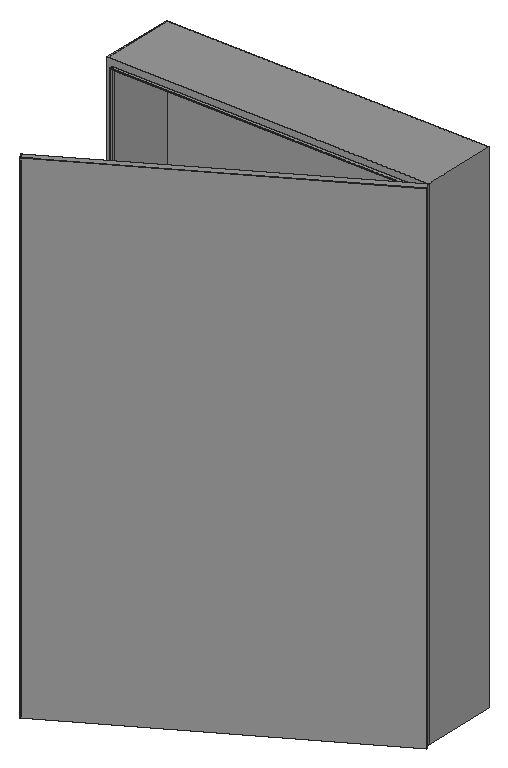
Revit family "Hager-Univers-IP44-D205-H1250-Cl.I-encl-NoHosted-NL-en", category Equipement électrique, Revit 2020
Family settings
  Configuration du panneau = Deux colonnes, circuits au sein
  Cote de connecteur circulaire = Utiliser le diamètre
  Type d'élément = Tableau de raccordement
  Basée sur le plan de construction = Oui
  Toujours verticalement = Oui
  Couper avec des vides une fois chargée = Non
  Partagée = Non
  Point de calcul de pièce = Non
Parameters (values of type "Surface mounted (plaster) IP44 W800 H1250 D205  - FP83QT")
  Width Control [instance] = if([EF000008 - Width] > Min Width, [EF000008 - Width], Min Width)  # 800 mm
  Commentaires du type = [HG000003 - Range]  # "Univers"
  Thickness Door [instance] = if([EF009171 - Material plate thickness door/cover] > 3 mm, 3 mm, [EF009171 - Material plate thickness door/cover])  # 1 mm
  Seal Frame Offset [instance] = 17 mm  # constant formula
  Plinth Visibility [instance] = [HG000027 - Plinth height] > 0 mm  # no
  Min Width [instance] = 100 mm  # constant formula
  Min Depth [instance] = (2 * [EF009170 - Material plate thickness cabinet]) + 1 mm  # 3 mm
  Min Height [instance] = 100 mm  # constant formula
  Internal Frame Depth [instance] = (Door System Depth * 0.5)  # 9 mm
  Panel Name [instance] = ""  # (empty or 0)
  Model = ""
  HG000027 - Plinth height = 0 mm
  HG000026 - Floor standing = no
  HG000024 - Bottom section height = 600 mm
  HG000023 - Double section enclosure = no
  HG000016 - Door 3d visibility [instance] = yes
  HG000015 - Clearance visibility [instance] = no
  HG000014 - Door on the right [instance] = yes
  HG000013 - Door on the left [instance] = not([HG000014 - Door on the right])  # no
  HG000012 - Door swing angle [instance] = 30.00°
  HG000010 - Asymmetric doors = no
  HG000009 - Double swing door = no
  HG000006 - Flush mounted = no
  HG000004 - Manufacturer reference = "FP83QT"
  HG000003 - Range = "Univers"
  HG000002 - With door or cover = yes
  Frame Offset Bottom [instance] = 10 mm  # constant formula
  Frame Offset [instance] = 15 mm  # constant formula
  EF015940 - Cover with overpressure release = no
  EF011959 - Degree of protection (NEMA) = ""
  EF009554 - Number of openings for flange plates = 6
  EF009212 - Cover model = "EV000116 - Closed"
  EF009171 - Material plate thickness door/cover = 1 mm
  EF009170 - Material plate thickness cabinet = 1 mm
  EF008873 - Nominal current (In) = 250 A
  EF007800 - Suitable for lightning protection = no
  EF006306 - With lock = no
  EF006244 - Transparent cover/door = no
  EF005474 - Degree of protection (IP) = "EV006418 - IP44"
  EF004464 - Type of door = "EV002646 - Single"
  EF004427 - Number of modules = 288
  EF004293 - Impact strength = "EV006815 - IK09"
  EF003532 - Suitable for outdoor use = no
  EF002950 - Width in number of modular spacings = 36
  EF001613 - Circuit integrity = "EV000494 - None"
  EF001596 - Material housing = "EV000179 - Steel"
  EF001131 - Internal depth = 130 mm
  EF001088 - Extension possible = yes
  EF000437 - Number of conduit inlets = 6
  EF000339 - Type of cover = "EV001012 - Cover"
  EF000266 - Number of rows = 8
  EF000218 - Built-in depth = 0 mm
  EF000118 - With mounting plate = no
  EF000116 - RAL-number = "9010"
  EF000049 - Depth = 205 mm
  EF000040 - Height = 1250 mm
  EF000008 - Width = 800 mm
  EF000007 - Colour = "EV000202 - White"
  EF000003 - Mounting method = "EV000384 - Surface mounted (plaster)"
  Door System Leaf Tolerance [instance] = 1.5 mm  # constant formula
  Door System Depth [instance] = 18 mm  # constant formula
  Door Height [instance] = Height Control - [HG000027 - Plinth height]  # 1250 mm
  Description = ""
  Default Elevation = 1219.2 mm
  Connector Offset [instance] = Height Control / 2  # 625 mm
  Fabricant = "Hager"  # constant formula
  Height Control [instance] = if([EF000040 - Height] > Min Height, [EF000040 - Height], Min Height)  # 1250 mm
  Depth Control [instance] = if([EF000049 - Depth] > Min Depth, [EF000049 - Depth], Min Depth)  # 205 mm
  Bottom Top Plate Trim [instance] = 1.5 mm  # constant formula
  Plinth height Ctrl [instance] = if([HG000027 - Plinth height] > 0 mm, [HG000027 - Plinth height], 12 mm)  # 12 mm
Types (5, lengths in mm): name | Width Control | HG000004 - Manufacturer reference | EF009554 - Number of openings for flange plates | EF004464 - Type of door | EF004427 - Number of modules | EF002950 - Width in number of modular spacings | EF000437 - Number of conduit inlets | EF000008 - Width
  Surface mounted (plaster) IP44 W1050 H1250 D205  - FP84QT | 1050 | "FP84QT" | 8 | "EV003602 - Double" | 384 | 48 | 8 | 1050
  Surface mounted (plaster) IP44 W1300 H1250 D205  - FP85QT | 1300 | "FP85QT" | 10 | "EV003602 - Double" | 480 | 60 | 10 | 1300
  Surface mounted (plaster) IP44 W300 H1250 D205  - FP81QT | 300 | "FP81QT" | 2 | "EV002646 - Single" | 96 | 12 | 2 | 300
  Surface mounted (plaster) IP44 W550 H1250 D205  - FP82QT | 550 | "FP82QT" | 4 | "EV002646 - Single" | 192 | 24 | 4 | 550
  Surface mounted (plaster) IP44 W800 H1250 D205  - FP83QT | 800 | "FP83QT" | 6 | "EV002646 - Single" | 288 | 36 | 6 | 800
Reference planes
  plane 1 "Center (Front/Back)": y = 0
  plane 2: z = 0
  plane 3 "Center (Left/Right)": x = 0
  plane 4: y = 0
  plane 5: y = 0
  plane 6: z = 0
  plane 7: x = -400
  plane 8: x = 400
  plane 9: x = 399
  plane 10: x = -399
  plane 11: z = 0
  plane 12: z = 1
  plane 13: y = -205
  plane 14: y = -1
  plane 15: x = 0
  plane 16: y = -187
  plane 17: y = -204
  plane 18: y = -186
  plane 19: x = -384
  plane 20: x = 384
  plane 21: z = 11
  plane 22: x = -383
  plane 23: x = 383
  plane 24: z = 0
  plane 25: z = 1250
  plane 26: z = 1250
  plane 27: z = 1234
  plane 28: z = 1249
Forms (mm)
  Extrusion 1, solid, material "Hager_Steel_RAL7035_Light_Grey", detail levels medium+fine
    sketch origin (-208.679, -4572, 0) x (-1, 0, 0) y (0, -1, 0)
      loop
        line (191.321, -4385) -> (-608.679, -4385) -> (-608.679, -4572) -> (191.321, -4572) -> (191.321, -4385)
    from 0 to 1250
  Extrusion 2, void
    sketch origin (-350.771, -205, 1219.2) x (1, 0, 0) y (0, 0, 1)
      loop
        line (-48.229, 29.8) -> (-48.229, -1218.2) -> (749.771, -1218.2) -> (749.771, 29.8) -> (-48.229, 29.8)
    from -19 to -204
  Extrusion 3, void
    sketch origin (-290.084, -187, 1219.2) x (1, 0, 0) y (0, 0, 1)
      loop
        line (-93.916, -1208.2) -> (674.084, -1208.2) -> (674.084, 14.8) -> (-93.916, 14.8) -> (-93.916, -1208.2)
    from 0 to -1
  Extrusion 4, solid, material "Hager_Steel_RAL7035_Light_Grey", visible <- "Plinth Visibility", detail levels medium+fine
    sketch origin (0, 0, 0) x (1, 0, 0) y (0, 1, 0)
      loop
        line (-400, 0) -> (-400, -187) -> (400, -187) -> (400, 0) -> (-400, 0)
    from 0 to 12 <- "Plinth height Ctrl"
  Extrusion 5, solid, material "Hager_Steel_RAL7035_Light_Grey", detail levels coarse
    sketch origin (0, 0, 0) x (1, 0, 0) y (0, 1, 0)
      loop
        line (-400, 0) -> (-400, -205) -> (400, -205) -> (400, 0) -> (-400, 0)
    from 0 to 1250 <- "Height Control"
  Sweep 6, void
    path in 3D
      loop
        line (-400, -187, 12) -> (400, -187, 12) -> (400, 0, 12) -> (-400, 0, 12) -> (-400, -187, 12)
    profile origin (-400, -93.5, 12) x (1, 0, 0) y (0, 0, 1)
      loop
        line (0, 0) -> (0, -1.5) -> (1.5, -1.5)
        arc (1.5, -1.5) -> (1.061, -0.439) -> (0, 0) r 1.5
  Extrusion 7, solid, material "Hager_Steel_RAL7035_Light_Grey", detail levels fine
    sketch origin (-400, -187, 0) x (1, 0, 0) y (0, 0, 1)
      loop
        line (16, 11) -> (784, 11) -> (784, 1234) -> (16, 1234) -> (16, 11)
      loop
        line (15, 10) -> (785, 10) -> (785, 1235) -> (15, 1235) -> (15, 10)
    from 0 to 9 <- "Internal Frame Depth"
Cuts and joins
  Extrusion 2, Extrusion 3 cuts Extrusion 1
  Sweep 6 cuts Extrusion 4
Lines and regions (mm)
  Masking region 1
    outline origin (0, 0, 0) x (1, 0, 0) y (0, 1, 0)
      loop
        line (-400, 0) -> (-400, -205) -> (400, -205) -> (400, 0) -> (-400, 0)
  Masking region 2, detail levels coarse
    outline origin (-290.084, -187, 1219.2) x (-1, 0, 0) y (0, 0, 1)
      loop
        line (-690.084, -1219.2) -> (109.916, -1219.2) -> (109.916, 30.8) -> (-690.084, 30.8) -> (-690.084, -1219.2)
  Masking region 3, detail levels coarse
    outline origin (0, 0, 0) x (0, 1, 0) y (0, 0, 1)
      loop
        line (0, 0) -> (0, 1250) -> (-205, 1250) -> (-205, 0) -> (0, 0)
  Masking region 4, visible <- "Plinth Visibility", detail levels medium+fine
    outline origin (0, 0, 0) x (0, 1, 0) y (0, 0, 1)
      loop
        line (-1.5, 12) -> (-185.5, 12)
        arc (-185.5, 12) -> (-185.939, 10.939) -> (-187, 10.5) r 1.5
        line (-187, 10.5) -> (-187, 0) -> (0, 0) -> (0, 10.5)
        arc (0, 10.5) -> (-1.061, 10.939) -> (-1.5, 12) r 1.5
  Masking region 5, detail levels medium+fine
    outline origin (0, 0, 594.038) x (0, 1, 0) y (0, 0, 1)
      loop
        line (0, -594.038) -> (0, 655.962) -> (-187, 655.962) -> (-187, -594.038) -> (0, -594.038)
  Masking region 6, detail levels medium+fine
    outline origin (-359.7, -187, 1211.883) x (-1, 0, 0) y (0, 0, 1)
      loop
        line (-759.7, -1211.883) -> (40.3, -1211.883) -> (40.3, 38.117) -> (-759.7, 38.117) -> (-759.7, -1211.883)
  Masking region 7, visible <- "Plinth Visibility", detail levels medium+fine
    outline origin (-320.334, -187, 1041.368) x (-1, 0, 0) y (0, 0, 1)
      loop
        line (-720.334, -1041.368) -> (79.666, -1041.368) -> (79.666, -1030.868)
        arc (79.666, -1030.868) -> (78.606, -1030.429) -> (78.166, -1029.368) r 1.5
        line (78.166, -1029.368) -> (-718.834, -1029.368)
        arc (-718.834, -1029.368) -> (-719.273, -1030.429) -> (-720.334, -1030.868) r 1.5
        line (-720.334, -1030.868) -> (-720.334, -1041.368)
  sketch lines
    curve 1: line (-400, 0, 12) -> (-400, -187, 12)
    curve 2: line (-400, -187, 12) -> (400, -187, 12)
    curve 3: line (400, 0, 12) -> (-400, 0, 12)
    curve 4: line (400, -187, 12) -> (400, 0, 12)
Dimensions and locks
  locked: plane 1 "Center (Front/Back)" to plane 5
  "EF009170 - Material plate thickness cabinet": plane 7 to plane 10
  "EF009170 - Material plate thickness cabinet": plane 8 to plane 9
  equal spacing: plane 7, plane 3 "Center (Left/Right)", plane 8
  "Width Control": plane 7 to plane 8
  "Depth Control": plane 4 to plane 13
  "EF009170 - Material plate thickness cabinet": plane 4 to plane 14
  "Height Control": plane 25 to level
  "HG000027 - Plinth height": plane 11 to level
  "EF009170 - Material plate thickness cabinet": plane 12 to plane 11
  "EF009170 - Material plate thickness cabinet": plane 17 to plane 13
  "EF009170 - Material plate thickness cabinet": plane 18 to plane 16
  "Frame Offset Bottom": plane 21 to plane 12
  "Frame Offset": plane 10 to plane 19
  "Frame Offset": plane 9 to plane 20
  "Door System Depth": plane 16 to plane 13
  "Seal Frame Offset": plane 7 to plane 22
  "Seal Frame Offset": plane 8 to plane 23
  "EF009170 - Material plate thickness cabinet": plane 26 to plane 28
  "Frame Offset": plane 28 to plane 27
  "Connector Offset": plane 2 to connector elem
  "Bottom Top Plate Trim": profile plane to Sweep 6 sketch curve
  "Bottom Top Plate Trim": Sweep 6 sketch curve to Sweep 6 sketch curve
  "Plinth height Ctrl": Masking region 4 sketch curve to level
  "Plinth height Ctrl": Masking region 7 sketch curve to level
  "Thickness Door": Extrusion 7 sketch curve to Extrusion 7 sketch curve  (x4)
  "Bottom Top Plate Trim": radius of Sweep 6 sketch curve
  "Bottom Top Plate Trim": radius of Masking region 4 sketch curve  (x2)
  "Bottom Top Plate Trim": radius of Masking region 7 sketch curve  (x2)
  aligned and locked: Extrusion 2 sketch curve to plane 12
  aligned and locked: Extrusion 2 sketch curve to plane 9
  aligned and locked: Extrusion 2 sketch curve to plane 10
  aligned and locked: Extrusion 2 to plane 14
  aligned and locked: Extrusion 1 sketch curve to plane 4
  aligned and locked: plane 8 to Extrusion 1 sketch curve
  aligned and locked: plane 7 to Extrusion 1 sketch curve
  aligned and locked: Extrusion 2 to plane 18
  aligned and locked: Extrusion 3 sketch curve to plane 19
  aligned and locked: plane 20 to Extrusion 3 sketch curve
  aligned and locked: Extrusion 3 to Extrusion 2
  aligned and locked: Extrusion 3 sketch curve to plane 21
  aligned and locked: plane 3 "Center (Left/Right)" to nested 1
  aligned and locked: Extrusion 1 sketch curve to plane 16
  aligned and locked: Extrusion 4 sketch curve to cut or joined group of Extrusion 1, Extrusion 2, Extrusion 3
  aligned and locked: Masking region 1 sketch curve to plane 7
  aligned and locked: Masking region 1 sketch curve to plane 5
  aligned and locked: Masking region 1 sketch curve to plane 8
  aligned and locked: Masking region 2 sketch curve to level
  aligned and locked: level to Masking region 3 sketch curve
  aligned and locked: plane 1 "Center (Front/Back)" to Masking region 3 sketch curve
  aligned and locked: plane 13 to Masking region 3 sketch curve
  aligned and locked: plane 5 to Masking region 4 sketch curve
  aligned and locked: Masking region 2 sketch curve to plane 8
  aligned and locked: Masking region 2 sketch curve to plane 7
  aligned and locked: plane 7 to nested 2
  aligned and locked: nested 2 to plane 5
  aligned and locked: plane 5 to Masking region 5 sketch curve
  aligned and locked: plane 26 to Masking region 5 sketch curve
  aligned and locked: Extrusion 5 sketch curve to plane 8
  aligned and locked: Extrusion 5 sketch curve to plane 7
  aligned and locked: Extrusion 5 sketch curve to plane 5
  aligned and locked: Extrusion 3 sketch curve to plane 27
  aligned and locked: Extrusion 2 sketch curve to plane 28
  aligned and locked: Masking region 2 to plane 25
  aligned and locked: Extrusion 4 to plane 16
  aligned and locked: profile plane to Sweep 6 sketch curve
  aligned and locked: Masking region 5 sketch curve to plane 24
  aligned and locked: level to Masking region 4 sketch curve
  aligned and locked: Masking region 1 to plane 13
  aligned and locked: nested 1 to plane 16
  aligned and locked: Masking region 3 to plane 25
  aligned and locked: plane 16 to Masking region 4 sketch curve
  aligned and locked: Masking region 5 sketch curve to plane 16
  aligned and locked: plane 24 to plane 11
  aligned and locked: plane 26 to plane 25
  aligned and locked: plane 26 to cut or joined group of Extrusion 1, Extrusion 2, Extrusion 3
  aligned and locked: nested 1 to plane 24
  aligned and locked: Extrusion 1 to Extrusion 3
  aligned and locked: Masking region 6 sketch curve to plane 8
  aligned and locked: Masking region 6 sketch curve to plane 24
  aligned and locked: Masking region 6 sketch curve to plane 7
  aligned and locked: Masking region 6 sketch curve to plane 26
  aligned and locked: Masking region 7 sketch curve to plane 7
  aligned and locked: level to Masking region 7 sketch curve
  aligned and locked: Masking region 7 sketch curve to plane 8
  aligned and locked: Extrusion 7 sketch curve to cut or joined group of Extrusion 1, Extrusion 2, Extrusion 3  (x4)
Automatic sketch dimensions
  plane 19 to Extrusion 3 sketch curve = 0 mm
  Extrusion 3 sketch curve to plane 20 = 0 mm
  Extrusion 3 sketch curve to plane 21 = 0 mm
  Extrusion 4 sketch curve to plane 7 = 0 mm
  Extrusion 4 sketch curve to plane 8 = 0 mm
  Extrusion 4 sketch curve to plane 16 = 0 mm
  Masking region 1 sketch curve to plane 13 = 0 mm
  Masking region 2 sketch curve to plane 25 = 0 mm
  Masking region 3 sketch curve to plane 25 = 0 mm
  Extrusion 5 sketch curve to plane 13 = 0 mm
  profile plane to Sweep 6 sketch curve = 0 mm
Nested families
  nested 1: "EC000058_Univers_Door" at (0, -187, 0), Double <- "HG000009 - Double swing door", Transparent <- "EF006244 - Transparent cover/door", Angle <- "HG000012 - Door swing angle", Door_Right <- "HG000014 - Door on the right", Assymetrical <- "HG000010 - Asymmetric doors", Door <- "HG000002 - With door or cover", Width_Ctrl <- "Width Control", 3d_Door <- "HG000016 - Door 3d visibility", Clearance <- "HG000015 - Clearance visibility", Door_Left <- "HG000013 - Door on the left", Width <- "Width Control", Door_Depth <- "Door System Depth", Leaf_Tolerance <- "Door System Leaf Tolerance", Height <- "Door Height", Lock_Visibility <- "EF006306 - With lock", Thickness <- "Thickness Door", type "EC000058_Univers_Door", detail levels medium+fine
    with min_wh 3 mm, Width_Ctrl 800 mm, Width 800 mm, Transparent no, Thickness 1 mm, Seal_Material Hager_Rubber, Lock_Visibility no, Lock_Material Hager_Plastic_RAL9005_Jet_Black, Leaf_Width 800 mm, Leaf_Tolerance_External_Sides 0 mm, Leaf_Tolerance 1.5 mm, Leaf_Offset 0 mm, Leaf_Height 1247 mm, Leaf_2_Width 800 mm, Leaf_2_Offset 400 mm, Leaf_1_Width 800 mm, Leaf_1_Offset 400 mm, Height_Ctrl 1250 mm, Height 1250 mm, Glass_Material Hager_Glass, Double_Clearance_Ctrl no, Double no, Door_Right_Ctrl yes, Door_Right yes, Door_Material Hager_Steel_RAL7035_Light_Grey, Door_Left_Ctrl no, Door_Left no, Door_Depth 18 mm, Door yes, Clearance_Material Hager_Clearance, Clearance_Depth 800 mm, Clearance_Ctrl no, Clearance no, Assymetrical no, Angle 30.00°, 3d_Door yes
  nested 2: "Hager_Enclosure_Symbol" at (-400, 0, 0), Height <- "Depth Control", Width <- "Width Control", type "Hager_Enclosure_Symbol"
    with Width_Ctrl 800 mm, Width 800 mm, Height_Ctrl 205 mm, Height 205 mm, A_Width_Int 13.453 mm, A_Width 161.438 mm, A_Height_Ctrl 179.375 mm, A_Height 179.375 mm
Connectors
  electrical at (0, 0, 625)
    settings: on plane 1 "Center (Front/Back)", index 1, voltage 0 V, apparent load 0 VA, apparent load phase1 0 VA, apparent load phase2 0 VA, apparent load phase3 0 VA, power factor 1, load classification "Other", number of poles 1, system type 30, power factor state 1, is connector primary yes, connector utility no, sub classification motor no, connector description ""
Definition of nested family "EC000058_Univers_Door"
  Parameters (values of type "EC000058_Univers_Door")
    min_wh [instance] = (2 * Thickness) + 1 mm  # 11 mm
    Width_Ctrl [instance] = 400 mm
    Width [instance] = 500 mm
    Transparent [instance] = yes
    Thickness [instance] = 5 mm
    Seal_Material [instance] = none
    Lock_Visibility [instance] = yes
    Lock_Material [instance] = none
    Leaf_Width [instance] = if((Width_Ctrl - 2 * Leaf_Tolerance_External_Sides) > 0 mm, (Width_Ctrl - 2 * Leaf_Tolerance_External_Sides), min_wh)  # 400 mm
    Leaf_Tolerance_External_Sides [instance] = 0 mm  # constant formula
    Leaf_Tolerance [instance] = 1.5 mm
    Leaf_Offset [instance] = 0 mm  # constant formula
    Leaf_Height [instance] = if((Height_Ctrl - 2 * Leaf_Tolerance) > 0 mm, (Height_Ctrl - 2 * Leaf_Tolerance), min_wh)  # 497 mm
    Leaf_2_Width [instance] = if(and(and(Double, Assymetrical), Door_Left), (Leaf_Width / 3) - (Leaf_Tolerance / 2), if(and(and(Double, Assymetrical), Door_Right), (Leaf_Width / 3) * 2 - (Leaf_Tolerance / 2), if(and(Double, not(Assymetrical)), (Leaf_Width / 2) - Leaf_Tolerance, Leaf_Width)))  # 400 mm
    Leaf_2_Offset [instance] = if(and(Double, Assymetrical), Leaf_2_Width / 2, if(and(Double, not(Assymetrical)), Leaf_Width / 4, Leaf_Width / 2))  # 200 mm
    Leaf_1_Width [instance] = if(and(and(Double, Assymetrical), Door_Right), (Leaf_Width / 3) - (Leaf_Tolerance / 2), if(and(and(Double, Assymetrical), Door_Left), (Width / 3) * 2 - (Leaf_Tolerance / 2), if(and(Double, not(Assymetrical)), (Leaf_Width / 2) - Leaf_Tolerance, Leaf_Width)))  # 400 mm
    Leaf_1_Offset [instance] = if(and(Double, Assymetrical), Leaf_1_Width / 2, if(and(Double, not(Assymetrical)), Leaf_Width / 4, Leaf_Width / 2))  # 200 mm
    Height_Ctrl [instance] = if(Height > min_wh, Height, min_wh)  # 500 mm
    Height [instance] = 500 mm
    Glass_Material [instance] = none
    Double_Clearance_Ctrl [instance] = and(Double, Clearance)  # no
    Double [instance] = no
    Door_Right_Ctrl [instance] = and(or(Door_Right, Double), Door)  # yes
    Door_Right [instance] = yes
    Door_Material [instance] = none
    Door_Left_Ctrl [instance] = and(or(Door_Left, Double), Door)  # no
    Door_Left [instance] = no
    Door_Depth [instance] = 30 mm
    Door [instance] = yes
    Default Elevation = 1219.2 mm
    Clearance_Material [instance] = none
    Clearance_Depth [instance] = if(Leaf_1_Width > Leaf_2_Width, Leaf_1_Width, Leaf_2_Width)  # 400 mm
    Clearance_Ctrl [instance] = and(not(Double), Clearance)  # yes
    Clearance [instance] = yes
    Assymetrical [instance] = yes
    Angle [instance] = 30.00°
    3d_Door [instance] = yes
  Reference planes
    plane 1 "Center (Front/Back)": y = 0
    plane 2 "Bottom": z = 0
    plane 3 "Center (Left/Right)": x = 0
    plane 4: z = 500
    plane 5: x = -200
    plane 6: x = 200
    plane 7: z = 500
    plane 8: x = -200
    plane 9: z = 0
    plane 10: x = 200
    plane 11: y = 0
    plane 12: z = 1.5
    plane 13: x = -600
    plane 14: y = -400
    plane 15: x = 600
    plane 16: x = 0
    plane 17: x = 0
    plane 18: x = -200
    plane 19: x = 200
    plane 20: z = 498.5
  Forms (mm)
    Extrusion 1, solid, material <- "Clearance_Material", visible <- "Double_Clearance_Ctrl"
      sketch origin (1200, 0, 0) x (1, 0, 0) y (0, 0, -1)
        loop
          line (-1800, -498.5) -> (-600, -498.5) -> (-600, 0) -> (-1800, 0) -> (-1800, -498.5)
      from 0 to -400
  Dimensions and locks
    equal spacing: plane 5, plane 3 "Center (Left/Right)", plane 6
    "Width_Ctrl": plane 5 to plane 6
    "Leaf_Offset": plane 5 to plane 8
    "Leaf_Offset": plane 6 to plane 10
    "Leaf_Offset": plane 9 to level
    "Leaf_Offset": plane 4 to plane 7
    "Height_Ctrl": plane 4 to level
    "Leaf_Tolerance": plane 12 to plane 9
    locked: plane 11 to plane 1 "Center (Front/Back)"
    "Leaf_1_Offset": plane 18 to plane 16
    "Leaf_2_Offset": plane 17 to plane 19
    "Leaf_1_Width": plane 13 to plane 8
    "Leaf_2_Width": plane 10 to plane 15
    "Clearance_Depth": plane 14 to plane 1 "Center (Front/Back)"
    "Leaf_Tolerance_External_Sides": plane 8 to plane 18
    "Leaf_Tolerance_External_Sides": plane 19 to plane 10
    "Leaf_Tolerance": plane 7 to plane 20
    aligned and locked: level to plane 2 "Bottom"
    aligned and locked: nested 1 to plane 16
    aligned and locked: nested 2 to plane 17
    aligned and locked: Extrusion 1 to plane 13
    aligned and locked: plane 15 to Extrusion 1
    aligned and locked: Extrusion 1 to plane 14
    aligned and locked: plane 12 to nested 1
    aligned and locked: nested 2 to plane 12
    aligned and locked: Extrusion 1 to plane 11
    aligned and locked: plane 20 to Extrusion 1
    aligned and locked: nested 2 to plane 11
    aligned and locked: nested 1 to plane 11
  Automatic sketch dimensions
    Extrusion 1 sketch curve to level = 0 mm
    plane 5 to Extrusion 1 sketch curve = 400 mm
    plane 6 to Extrusion 1 sketch curve = 400 mm
    Extrusion 1 sketch curve to plane 4 = 1.5 mm
  Nested families
    nested 1: "EC000058_Univers_Door_Leaf" at (0, 0, 1.5), Width <- "Leaf_1_Width", visible <- "Door_Left_Ctrl", Leaf_Height <- "Leaf_Height", Angle <- "Angle", 3d_Door <- "3d_Door", Transparent <- "Transparent", Clearance Material <- "Clearance_Material", Clearance <- "Clearance_Ctrl", Door_Material <- "Door_Material", Glass_Material <- "Glass_Material", Door_Depth <- "Door_Depth", Lock_Material <- "Lock_Material", Seal_Material <- "Seal_Material", Lock_Visibility <- "Lock_Visibility", Thickness <- "Thickness", type "EC000058_Univers_Door_Leaf"
      with Width 400 mm, Transparent_Glass_Offset 30 mm, Transparent_Ctrl yes, Transparent yes, Thickness 5 mm, Standard no, Seal_Material none, Seal_D2 8 mm, Seal_D1 1 mm, Offset_Internal_Frame 10 mm, Lock_Width 20 mm, Lock_Visibility_3d yes, Lock_Visibility yes, Lock_Thickness_3 3 mm, Lock_Thickness_2 1 mm, Lock_Thickness_1 3 mm, Lock_Radius_Offset_2 16 mm, Lock_Radius_Offset_1 15 mm, Lock_Radius_2 5 mm, Lock_Radius 6 mm, Lock_Offset 5 mm, Lock_Material none, Lock_Height 80 mm, Lock_Cover_Top_Offset_2d 17 mm, Lock_Cover_Height -65 mm, Leaf_Height 497 mm, Internal_Seal_Thickness 8 mm, Internal_Seal_Depth_2 4.5 mm, Internal_Frame_Depth 25 mm, Glass_Thickness -1 mm, Glass_Offset -2 mm, Glass_Material none, Door_Material none, Door_Depth 30 mm, Clearance Material none, Clearance yes, Angle_Ctrl 30.00°, Angle 30.00°, 3d_Door yes
    nested 2: "EC000058_Univers_Door_Leaf" at (0, 0, 1.5) x (-1, 0, 0) z (0, 0, 1), Width <- "Leaf_2_Width", visible <- "Door_Right_Ctrl", Leaf_Height <- "Leaf_Height", Angle <- "Angle", 3d_Door <- "3d_Door", Transparent <- "Transparent", Clearance Material <- "Clearance_Material", Clearance <- "Clearance_Ctrl", Door_Material <- "Door_Material", Glass_Material <- "Glass_Material", Door_Depth <- "Door_Depth", Lock_Material <- "Lock_Material", Seal_Material <- "Seal_Material", Lock_Visibility <- "Lock_Visibility", Thickness <- "Thickness", type "EC000058_Univers_Door_Leaf"
      with Width 400 mm, Transparent_Glass_Offset 30 mm, Transparent_Ctrl yes, Transparent yes, Thickness 5 mm, Standard no, Seal_Material none, Seal_D2 8 mm, Seal_D1 1 mm, Offset_Internal_Frame 10 mm, Lock_Width 20 mm, Lock_Visibility_3d yes, Lock_Visibility yes, Lock_Thickness_3 3 mm, Lock_Thickness_2 1 mm, Lock_Thickness_1 3 mm, Lock_Radius_Offset_2 16 mm, Lock_Radius_Offset_1 15 mm, Lock_Radius_2 5 mm, Lock_Radius 6 mm, Lock_Offset 5 mm, Lock_Material none, Lock_Height 80 mm, Lock_Cover_Top_Offset_2d 17 mm, Lock_Cover_Height -65 mm, Leaf_Height 497 mm, Internal_Seal_Thickness 8 mm, Internal_Seal_Depth_2 4.5 mm, Internal_Frame_Depth 25 mm, Glass_Thickness -1 mm, Glass_Offset -2 mm, Glass_Material none, Door_Material none, Door_Depth 30 mm, Clearance Material none, Clearance yes, Angle_Ctrl 30.00°, Angle 30.00°, 3d_Door yes
  Definition of nested family "EC000058_Univers_Door_Leaf"
    Parameters (values of type "EC000058_Univers_Door_Leaf")
      Width [instance] = 2000 mm
      Transparent_Glass_Offset [instance] = 30 mm
      Transparent_Ctrl [instance] = and(Transparent, [3d_Door])  # yes
      Transparent [instance] = yes
      Thickness [instance] = 5 mm
      Standard [instance] = and(not(Transparent), [3d_Door])  # no
      Seal_Material [instance] = none
      Seal_D2 [instance] = 8 mm  # constant formula
      Seal_D1 [instance] = 1 mm  # constant formula
      Offset_Internal_Frame [instance] = 10 mm  # constant formula
      Lock_Width [instance] = 20 mm  # constant formula
      Lock_Visibility_3d [instance] = and(Lock_Visibility, [3d_Door])  # yes
      Lock_Visibility [instance] = yes
      Lock_Thickness_3 [instance] = 3 mm  # constant formula
      Lock_Thickness_2 [instance] = 1 mm  # constant formula
      Lock_Thickness_1 [instance] = 3 mm  # constant formula
      Lock_Radius_Offset_2 [instance] = Lock_Radius_Offset_1 + 1 mm  # 16 mm
      Lock_Radius_Offset_1 [instance] = 15 mm  # constant formula
      Lock_Radius_2 [instance] = Lock_Radius - 1 mm  # 5 mm
      Lock_Radius [instance] = 6 mm  # constant formula
      Lock_Offset [instance] = 5 mm  # constant formula
      Lock_Material [instance] = none
      Lock_Height [instance] = 80 mm  # constant formula
      Lock_Cover_Top_Offset_2d [instance] = Lock_Radius_Offset_2 + 1 mm  # 17 mm
      Lock_Cover_Height [instance] = -(Lock_Height - Lock_Radius_Offset_1)  # -65 mm
      Leaf_Height [instance] = 2720.336 mm
      Internal_Seal_Thickness [instance] = 8 mm  # constant formula
      Internal_Seal_Depth_2 [instance] = 4.5 mm  # constant formula
      Internal_Frame_Depth [instance] = if(Door_Depth - Thickness > 5 mm, Door_Depth - Thickness, 5 mm)  # 25 mm
      Glass_Thickness [instance] = if(Thickness > 15 mm, Glass_Offset + 10 mm, -1 mm)  # -1 mm
      Glass_Offset [instance] = if(Thickness > 15 mm, -(Thickness + 10 mm) / 2, -2 mm)  # -2 mm
      Glass_Material [instance] = none
      Door_Material [instance] = none
      Door_Depth [instance] = 30 mm
      Default Elevation = 0 mm
      Clearance Material [instance] = none
      Clearance [instance] = yes
      Angle_Ctrl [instance] = if(Angle > 180.00°, 180.00°, Angle)  # 90.00°
      Angle [instance] = 90.00°
      3d_Door [instance] = yes
    Reference planes
      plane 1 "Center (Front/Back)": y = 0
      plane 2: z = 0
      plane 3 "Center (Left/Right)": x = 0
      plane 4: y = 2000
      plane 5: x = -1000
      plane 6: x = 1000
      plane 7: x = -3000
      plane 8: z = 2720.336
      plane 9: z = 30
      plane 10: z = 2690.336
      plane 11: x = 970
      plane 12: x = -970
      plane 13: y = -3
      plane 14: z = 107.833
      plane 15: y = -5
      plane 16: y = -223.314
      plane 17: x = -1000
      plane 18: z = 1360.168
      plane 19: y = 30
    Forms (mm)
      Extrusion 1, solid, material <- "Clearance Material", visible <- "Clearance"
        sketch origin (0, 0, 0) x (1, 0, 0) y (0, 0, 1)
          loop
            line (-3000, 2720.336) -> (-3000, 0) -> (1000, 0) -> (1000, 2720.336) -> (-3000, 2720.336)
        from 0 to -2000
      Extrusion 2, solid, material <- "Door_Material", visible <- "Standard", detail levels medium+fine
        sketch origin (-1000, 0, 0) x (0, 1, 0) y (-1, 0, 0)
          loop
            line (0, 30) -> (0, 25) -> (2000, 25) -> (2000, 30) -> (0, 30)
        from 0 to 2720.336 <- "Leaf_Height"
      Extrusion 3, solid, material <- "Door_Material", visible <- "Transparent_Ctrl", detail levels medium+fine
        sketch origin (-1000, 0, 0) x (0, 1, 0) y (-1, 0, 0)
          loop
            line (0, 25) -> (2000, 25) -> (2000, 30) -> (0, 30) -> (0, 25)
        from 0 to 2720.336 <- "Leaf_Height"
      Extrusion 4, void
        sketch origin (-1025, 2000, 0) x (0, 1, 0) y (0, 0, -1)
          loop
            line (-30, -2690.336) -> (-30, -30) -> (-1970, -30) -> (-1970, -2690.336) -> (-30, -2690.336)
        from 0 to 5 <- "Thickness"
      Sweep 5, solid, material <- "Seal_Material", visible <- "Transparent_Ctrl", detail levels fine
        path in 3D
          loop
            line (-1025, 30, 30) -> (-1025, 30, 2690.336) -> (-1025, 1970, 2690.336) -> (-1025, 1970, 30) -> (-1025, 30, 30)
        profile origin (-1025, 1000, 30) x (1, 0, 0) y (0, 0, 1)
          loop
            line (0, 0) -> (0, -8) -> (1, -8) -> (1, 0) -> (0, 0)
      Extrusion 6, solid, material <- "Glass_Material", visible <- "Transparent_Ctrl", detail levels medium+fine
        sketch origin (-1030, 0, 0) x (0, 1, 0) y (0, 0, -1)
          loop
            line (1970, -2690.336) -> (1970, -30) -> (30, -30) -> (30, -2690.336) -> (1970, -2690.336)
        from -2 <- "Glass_Offset" to -1 <- "Glass_Thickness"
      Extrusion 7, solid, material <- "Door_Material", visible <- "3d_Door", detail levels medium+fine
        sketch origin (-1025, 2000, 0) x (0, -1, 0) y (0, 0, -1)
          loop
            line (0, -2720.336) -> (2000, -2720.336) -> (2000, 0) -> (0, 0) -> (0, -2720.336)
          loop
            line (1995, -5) -> (5, -5) -> (5, -2715.336) -> (1995, -2715.336) -> (1995, -5)
        from 0 to 25 <- "Internal_Frame_Depth"
      Sweep 8, solid, material <- "Seal_Material", visible <- "Transparent_Ctrl", detail levels fine
        path in 3D
          loop
            line (-1025, 0, 0) -> (-1025, 2000, 0) -> (-1025, 2000, 2720.336) -> (-1025, 0, 2720.336) -> (-1025, 0, 0)
        profile origin (-1025, 0, 1360.168) x (1, 0, 0) y (0, 1, 0)
          loop
            line (0, 10) -> (2.975, 10)
            arc (2.975, 10) -> (4.053, 10.447) -> (4.5, 11.525) r 1.525
            line (4.5, 11.525) -> (4.5, 16.527)
            arc (4.5, 16.527) -> (4.069, 17.569) -> (3.027, 18) r 1.473
            line (3.027, 18) -> (0, 18) -> (0, 10)
      Extrusion 9, solid, material <- "Lock_Material", visible <- "Lock_Visibility_3d", detail levels fine
        sketch origin (-1030, 0, 0) x (0, 1, 0) y (0, 0, -1)
          loop
            arc (1993.5, -1400.168) -> (1994.561, -1399.729) -> (1995, -1398.668) r 1.5
            line (1995, -1398.668) -> (1995, -1320.168) -> (1975, -1320.168) -> (1975, -1398.668)
            arc (1975, -1398.668) -> (1975.439, -1399.729) -> (1976.5, -1400.168) r 1.5
            line (1976.5, -1400.168) -> (1993.5, -1400.168)
        from 3 <- "Lock_Thickness_1" to 0
      Blend 10, solid, material <- "Lock_Material", visible <- "Lock_Visibility_3d", detail levels fine
        base sketch origin (-1033, 0, 0) x (0, 1, 0) y (0, 0, -1)
          loop
            line (1975, -1320.168) -> (1975, -1398.668)
            arc (1975, -1398.668) -> (1975.439, -1399.729) -> (1976.5, -1400.168) r 1.5
            line (1976.5, -1400.168) -> (1993.5, -1400.168)
            arc (1993.5, -1400.168) -> (1994.561, -1399.729) -> (1995, -1398.668) r 1.5
            line (1995, -1398.668) -> (1995, -1320.168) -> (1975, -1320.168)
        top sketch origin (-1033, 0, 0) x (0, 1, 0) y (0, 0, -1)
          loop
            line (1976, -1320.168) -> (1976, -1398.668)
            arc (1976, -1398.668) -> (1976.146, -1399.022) -> (1976.5, -1399.168) r 0.5
            line (1976.5, -1399.168) -> (1993.5, -1399.168)
            arc (1993.5, -1399.168) -> (1993.854, -1399.022) -> (1994, -1398.668) r 0.5
            line (1994, -1398.668) -> (1994, -1320.168) -> (1976, -1320.168)
        from 0 to 1 <- "Lock_Thickness_2"
      Blend 11, solid, material <- "Lock_Material", visible <- "Lock_Visibility_3d", detail levels fine
        base sketch origin (-1034, 0, 0) x (0, 1, 0) y (0, 0, -1)
          loop
            line (1978, -1320.168) -> (1978, -1384.168)
            arc (1978, -1384.168) -> (1985, -1391.168) -> (1992, -1384.168) r 7
            line (1992, -1384.168) -> (1992, -1320.168) -> (1978, -1320.168)
        top sketch origin (-1034, 0, 0) x (0, 1, 0) y (0, 0, -1)
          loop
            line (1991, -1320.168) -> (1979, -1320.168) -> (1979, -1383.168)
            arc (1979, -1383.168) -> (1985, -1389.168) -> (1991, -1383.168) r 6
            line (1991, -1383.168) -> (1991, -1320.168)
        from 0 to 3 <- "Lock_Thickness_3"
      Extrusion 12, solid, material <- "Lock_Material", visible <- "Lock_Visibility_3d", detail levels fine
        sketch origin (-1030, 1975, 1320.168) x (1, 0, 0) y (0, -1, 0)
          loop
            line (-7, -19) -> (-7, -1) -> (0, -1) -> (0, 0) -> (-8, 0) -> (-8, -20) -> (0, -20) -> (0, -19) -> (-7, -19)
        from 0 to -65 <- "Lock_Cover_Height"
      Extrusion 13, void
        sketch origin (-1038, 1995, 1320.168) x (-1, 0, 0) y (0, 0, -1)
          loop
            line (-5, -65) -> (0, -65) -> (-5, -60) -> (-5, -65)
        from 0 to 20 <- "Lock_Width"
      Extrusion 14, void
        sketch origin (-1038, 1975, 1320.168) x (0, -1, 0) y (0, 0, -1)
          loop
            circle (-10, -15.995) r 6
          loop
            circle (-10, -15.995) r 5
        from 0 to 2
      Extrusion 15, solid, material <- "Lock_Material", visible <- "Lock_Visibility_3d", detail levels medium
        sketch origin (-1030, 0, 0) x (0, 1, 0) y (0, 0, -1)
          loop
            arc (1993.5, -1400.168) -> (1994.561, -1399.729) -> (1995, -1398.668) r 1.5
            line (1995, -1398.668) -> (1995, -1320.168) -> (1975, -1320.168) -> (1975, -1398.668)
            arc (1975, -1398.668) -> (1975.439, -1399.729) -> (1976.5, -1400.168) r 1.5
            line (1976.5, -1400.168) -> (1993.5, -1400.168)
        from 8 to 0
    Cuts and joins
      Extrusion 4 cuts Extrusion 3
      Extrusion 13, Extrusion 14 cuts Extrusion 9
      Extrusion 14 cuts Blend 11
      Extrusion 13, Extrusion 14 cuts Extrusion 12
      joined: Extrusion 9, Blend 10, Blend 11, Extrusion 12
      Extrusion 14 cuts Extrusion 15
    Lines and regions (mm)
      Masking region 1, visible <- "Lock_Visibility", detail levels fine
        outline origin (0, 0, 0) x (0, 1, 0) y (0, 0, 1)
          loop
            line (30, 1320.168) -> (33, 1320.168) -> (33, 1400.168) -> (30, 1400.168) -> (30, 1320.168)
      Masking region 2, visible <- "Lock_Visibility", detail levels fine
        outline origin (0, 3.143, 0) x (0, 1, 0) y (0, 0, 1)
          loop
            line (29.857, 1354.168) -> (30.857, 1354.168) -> (30.857, 1366.168) -> (29.857, 1366.168) -> (29.857, 1354.168)
      Masking region 3, detail levels medium+fine
        outline origin (0, 0, 0) x (0, 1, 0) y (0, 0, 1)
          loop
            line (0, 0) -> (30, 0) -> (30, 2720.336) -> (0, 2720.336) -> (0, 0)
      Masking region 4, detail levels medium+fine
        outline origin (0, 0, 0) x (1, 0, 0) y (0, 0, 1)
          loop
            line (-1000, 2720.336) -> (-1000, 0) -> (1000, 0) -> (1000, 2720.336) -> (-1000, 2720.336)
      Masking region 5, visible <- "Lock_Visibility", detail levels fine
        outline origin (-47.116, 0, 0) x (1, 0, 0) y (0, 0, 1)
          loop
            arc (1024.616, 1399.168) -> (1023.556, 1398.729) -> (1023.116, 1397.668) r 1.5
            line (1023.116, 1397.668) -> (1023.116, 1320.168) -> (1041.116, 1320.168) -> (1041.116, 1397.668)
            arc (1041.116, 1397.668) -> (1040.677, 1398.729) -> (1039.616, 1399.168) r 1.5
            line (1039.616, 1399.168) -> (1024.616, 1399.168)
      Masking region 6, visible <- "Lock_Visibility", detail levels medium+fine
        outline origin (-25, 0, 0) x (1, 0, 0) y (0, 0, 1)
          loop
            arc (1001.5, 1400.168) -> (1000.439, 1399.729) -> (1000, 1398.668) r 1.5
            line (1000, 1398.668) -> (1000, 1320.168) -> (1020, 1320.168) -> (1020, 1398.668)
            arc (1020, 1398.668) -> (1019.561, 1399.729) -> (1018.5, 1400.168) r 1.5
            line (1018.5, 1400.168) -> (1001.5, 1400.168)
      Masking region 7, visible <- "Lock_Visibility", detail levels fine
        outline origin (-73.735, 0, 0) x (1, 0, 0) y (0, 0, 1)
          loop
            line (1051.735, 1382.168) -> (1065.735, 1382.168) -> (1065.735, 1384.168)
            arc (1065.735, 1384.168) -> (1058.735, 1391.168) -> (1051.735, 1384.168) r 7
            line (1051.735, 1384.168) -> (1051.735, 1382.168)
      Masking region 8, visible <- "Lock_Visibility", detail levels fine
        outline origin (-73.735, 0, 0) x (1, 0, 0) y (0, 0, 1)
          loop
            line (1052.735, 1382.168) -> (1064.735, 1382.168) -> (1064.735, 1383.168)
            arc (1064.735, 1383.168) -> (1058.735, 1389.168) -> (1052.735, 1383.168) r 6
            line (1052.735, 1383.168) -> (1052.735, 1382.168)
      Masking region 9, visible <- "Lock_Visibility", detail levels fine
        outline origin (-25, 0, 0) x (1, 0, 0) y (0, 0, 1)
          loop
            line (1020, 1320.168) -> (1020, 1382.168) -> (1000, 1382.168) -> (1000, 1320.168) -> (1020, 1320.168)
      Masking region 10, detail levels medium+fine
        outline origin (0, 0, 0) x (1, 0, 0) y (0, 0, 1)
          loop
            circle (985, 1335.144) r 6
      Masking region 11, detail levels fine
        outline origin (0, 0, 0) x (1, 0, 0) y (0, 0, 1)
          loop
            circle (985, 1335.144) r 5
      Masking region 12, visible <- "Lock_Visibility", detail levels fine
        outline origin (0, 12.767, 0) x (0, 1, 0) y (0, 0, 1)
          loop
            line (20.233, 1320.168) -> (21.233, 1320.168) -> (21.233, 1399.168) -> (20.233, 1400.168) -> (20.233, 1320.168)
      Masking region 13, visible <- "Lock_Visibility", detail levels fine
        outline origin (0, 13.767, -10) x (0, 1, 0) y (0, 0, 1)
          loop
            line (20.233, 1330.168) -> (23.233, 1330.168) -> (23.233, 1399.168) -> (20.233, 1402.168) -> (20.233, 1330.168)
      Masking region 14, visible <- "Lock_Visibility", detail levels fine
        outline origin (0, 12.767, -10) x (0, 1, 0) y (0, 0, 1)
          loop
            line (20.233, 1330.168) -> (25.233, 1330.168) -> (25.233, 1399.305) -> (20.233, 1394.305) -> (20.233, 1330.168)
      Masking region 15, visible <- "Lock_Visibility", detail levels medium
        outline origin (0, 0, 0) x (0, 1, 0) y (0, 0, 1)
          loop
            line (30, 1320.168) -> (38, 1320.168) -> (38, 1400.168) -> (30, 1400.168) -> (30, 1320.168)
      Masking region 16, visible <- "Lock_Visibility", detail levels fine
        outline origin (-1000, 0, 0) x (0, 1, 0) y (-1, 0, 0)
          loop
            line (1975, 30) -> (1995, 30) -> (1995, 38) -> (1975, 38) -> (1975, 30)
          loop
            line (1979, 37) -> (1976, 37) -> (1976, 34) -> (1978, 34) -> (1979, 37)
          loop
            line (1994, 37) -> (1991, 37) -> (1992, 34) -> (1994, 34) -> (1994, 37)
      Masking region 17, visible <- "Lock_Visibility", detail levels medium
        outline origin (-1000, 0, 0) x (0, 1, 0) y (-1, 0, 0)
          loop
            line (1975, 30) -> (1995, 30) -> (1995, 38) -> (1975, 38) -> (1975, 30)
      symbolic lines
        curve 1: line (1000, 0, 0) -> (-3000, 0, 0)
        curve 2: arc (1000, 0, 0) -> (-1000, 2000, 0) -> (-3000, 0, 0) r 2000
        curve 4: line (-1030, 0, 0) -> (-1030, 2000, 0)
      reference lines
        curve 3: line (-1000, 0, 0) -> (-1000, 2000, 0)
      symbolic lines, detail levels medium+fine
        curve 5: line (-1030, 2000, 0) -> (-1025, 2000, 0)
        curve 7: line (-1025, 0, 0) -> (-1030, 0, 0)
        curve 8: line (-1025, 0, 0) -> (-1000, 0, 0)
        curve 9: line (-1000, 0, 0) -> (-1000, 2000, 0)
        curve 10: line (-1000, 2000, 0) -> (-1025, 2000, 0)
      symbolic lines, detail levels fine
        curve 6: line (-1025, 2000, 0) -> (-1025, 0, 0)
      sketch lines
        curve 11: line (-1025, 0, 2720.336) -> (-1025, 0, 0)
        curve 12: line (-1025, 2000, 0) -> (-1025, 0, 0)
        curve 13: line (-1025, 2000, 2720.336) -> (-1025, 2000, 0)
        curve 14: line (-1025, 0, 2720.336) -> (-1025, 2000, 2720.336)
        curve 15: line (-1025, 1970, 30) -> (-1025, 30, 30)
        curve 16: line (-1025, 30, 30) -> (-1025, 30, 2690.336)
        curve 17: line (-1025, 1970, 2690.336) -> (-1025, 1970, 30)
        curve 18: line (-1025, 30, 2690.336) -> (-1025, 1970, 2690.336)
      symbolic lines, visible <- "Transparent", detail levels medium+fine
        curve 19: line (-970, 0, 2690.336) -> (970, 0, 2690.336)
        curve 20: line (-970, 0, 30) -> (-970, 0, 2690.336)
        curve 21: line (970, 0, 30) -> (-970, 0, 30)
        curve 22: line (970, 0, 2690.336) -> (970, 0, 30)
    Dimensions and locks
      "Width": plane 1 "Center (Front/Back)" to plane 4
      equal spacing: plane 5, plane 3 "Center (Left/Right)", plane 6
      "Width": plane 5 to plane 6
      "Width": plane 7 to plane 5
      "Leaf_Height": plane 8 to level
      "Width": curve 5 to curve 3
      "Width": curve 3 to curve 3
      plane 8 to plane 10 = 30 mm
      plane 9 to level = 30 mm
      plane 12 to plane 5 = 30 mm
      plane 6 to plane 11 = 30 mm
      Extrusion 1 to Extrusion 4 sketch curve = 30 mm
      "Transparent_Glass_Offset": curve 3 to Extrusion 4 sketch curve
      "Transparent_Glass_Offset": Extrusion 4 sketch curve to cut or joined group of Extrusion 3, Extrusion 4  (x2)
      cut or joined group of Extrusion 3, Extrusion 4 to Extrusion 6 sketch curve = 30 mm
      "Transparent_Glass_Offset": cut or joined group of Extrusion 3, Extrusion 4 to Extrusion 4 sketch curve
      "Thickness": curve 6 to curve 4
      "Thickness": Extrusion 7 sketch curve to Extrusion 7 sketch curve  (x4)
      "Door_Depth": curve 4 to curve 3
      "Offset_Internal_Frame": profile plane to Sweep 8 sketch curve
      "Internal_Seal_Thickness": Sweep 8 sketch curve to Sweep 8 sketch curve
      "Internal_Seal_Depth_2": profile plane to Sweep 8 sketch curve
      "Seal_D1": profile plane to Sweep 5 sketch curve
      "Seal_D2": profile plane to Sweep 5 sketch curve
      "Thickness": Extrusion 2 sketch curve to Extrusion 2 sketch curve
      equal spacing: Extrusion 9 sketch curve, plane 18, Extrusion 9 sketch curve  (x2)
      equal spacing: Masking region 1 sketch curve, plane 18, Masking region 1 sketch curve
      "Lock_Height": Masking region 1 sketch curve to Masking region 1 sketch curve
      "Lock_Radius": Masking region 2 sketch curve to plane 18 to Masking region 2 sketch curve
      Masking region 2 sketch curve to Masking region 1 = 1 mm
      "Door_Depth": plane 19 to plane 1 "Center (Front/Back)"
      "Lock_Thickness_1": Masking region 1 sketch curve to plane 19
      "Lock_Width": Extrusion 9 sketch curve to Extrusion 9 sketch curve
      "Lock_Height": Extrusion 9 sketch curve to Extrusion 9 sketch curve
      "Lock_Offset": cut or joined group of Extrusion 3, Extrusion 4 to Extrusion 9 sketch curve
      equal spacing: plane 8, plane 18, level
      "Lock_Radius_Offset_1": Blend 11 sketch curve to Blend 10
      locked: Blend 10 to Blend 11 sketch curve at 2  (x2)
      locked: var sketch to Blend 11 sketch curve at 1  (x2)
      "Lock_Radius_Offset_2": Blend 11 sketch curve to Blend 10
      locked: Extrusion 12 sketch curve to Extrusion 12 sketch curve at 1  (x3)
      Masking region 6 sketch curve to Masking region 6 sketch curve = 80 mm
      "Lock_Height": Masking region 6 sketch curve to Masking region 6 sketch curve
      "Lock_Width": Masking region 6 sketch curve to Masking region 6 sketch curve
      locked: Masking region 6 to Masking region 5 sketch curve at 1  (x3)
      locked: Masking region 5 to Masking region 7 sketch curve at 2  (x2)
      "Lock_Radius_Offset_1": Masking region 5 to Masking region 7 sketch curve
      "Lock_Radius_Offset_2": Masking region 5 to Masking region 8 sketch curve
      locked: Masking region 7 to Masking region 8 sketch curve at 1  (x2)
      "Lock_Cover_Top_Offset_2d": Masking region 5 to Masking region 9 sketch curve
      equal spacing: Masking region 9, Masking region 10 sketch curve, Masking region 9
      equal spacing: Masking region 9, Masking region 11 sketch curve, Masking region 9
      Extrusion 15 sketch curve to Extrusion 15 sketch curve = 80 mm
      "Lock_Width": Extrusion 15 sketch curve to Extrusion 15 sketch curve
      "Lock_Height": Extrusion 15 sketch curve to Extrusion 15 sketch curve
      equal spacing: Extrusion 15 sketch curve, plane 18, Extrusion 15 sketch curve
      "Lock_Thickness_3": Masking region 13 sketch curve to Masking region 13 sketch curve
      "Lock_Height": Masking region 12 sketch curve to Masking region 12 sketch curve
      locked: Masking region 13 sketch curve to Masking region 1 at 8
      locked: Masking region 14 sketch curve to Masking region 13 at 1
      locked: Masking region 14 sketch curve to Masking region 1 at 10.863
      "Lock_Height": Masking region 15 sketch curve to Masking region 15 sketch curve
      "Lock_Offset": Extrusion 15 sketch curve to cut or joined group of Extrusion 3, Extrusion 4
      "Lock_Offset": plane 6 to Masking region 6 sketch curve
      radius of Sweep 8 sketch curve = 1.525 mm
      radius of Sweep 8 sketch curve = 1.473 mm
      radius of Extrusion 9 sketch curve = 1.5 mm  (x2)
      "Lock_Radius": radius of Extrusion 14 sketch curve
      "Lock_Radius_2": radius of Extrusion 14 sketch curve
      "Lock_Radius": radius of Masking region 10 sketch curve
      "Lock_Radius_2": radius of Masking region 11 sketch curve
      radius of Extrusion 15 sketch curve = 1.5 mm  (x2)
      "Angle_Ctrl": angle plane 1 "Center (Front/Back)" to curve 3
      locked: Masking region 12 sketch curve to Masking region 12 sketch curve (angle 45.00°)
      locked: Masking region 13 sketch curve to Masking region 13 sketch curve (angle 45.00°)
      locked: Masking region 14 sketch curve to Masking region 14 sketch curve (angle 45.00°)
      aligned and locked: level to plane 2
      aligned and locked: Extrusion 1 to curve 1
      aligned and locked: plane 6 to Extrusion 1
      aligned and locked: Extrusion 1 to plane 1 "Center (Front/Back)"
      aligned and locked: plane 4 to Extrusion 1
      aligned and locked: plane 8 to Extrusion 1
      aligned and locked: curve 7 to Extrusion 2 sketch curve
      aligned and locked: curve 5 to Extrusion 2 sketch curve
      aligned and locked: curve 7 to Extrusion 3 sketch curve
      aligned and locked: Extrusion 3 sketch curve to curve 4
      aligned and locked: Extrusion 3 sketch curve to curve 6
      aligned and locked: Extrusion 3 sketch curve to curve 5
      aligned and locked: curve 9 to curve 3
      aligned and locked: Extrusion 7 sketch curve to cut or joined group of Extrusion 3, Extrusion 4  (x4)
      aligned and locked: plane 17 to curve 3
      aligned and locked: plane 1 "Center (Front/Back)" to curve 3
      aligned and locked: plane 17 to plane 5
      aligned and locked: Sweep 8 sketch curve to profile plane
      aligned and locked: Sweep 5 sketch curve to profile plane  (x2)
      aligned and locked: Masking region 1 to Masking region 2 sketch curve
      aligned and locked: plane 19 to Masking region 1 sketch curve
      aligned and locked: plane 1 "Center (Front/Back)" to Masking region 3 sketch curve
      aligned and locked: plane 19 to Masking region 3 sketch curve
      aligned and locked: level to Masking region 3 sketch curve
      aligned and locked: Masking region 3 sketch curve to plane 8
      aligned and locked: plane 17 to Masking region 4 sketch curve
      aligned and locked: level to Masking region 4 sketch curve
      aligned and locked: Masking region 4 sketch curve to plane 8
      aligned and locked: plane 12 to curve 20
      aligned and locked: plane 10 to curve 19
      aligned and locked: plane 11 to curve 22
      aligned and locked: curve 21 to plane 9
      aligned and locked: Extrusion 2 sketch curve to cut or joined group of Extrusion 3, Extrusion 4
      aligned and locked: Blend 10 sketch curve to Extrusion 9  (x4)
      aligned and locked: Extrusion 9 to Blend 10 sketch curve
      aligned and locked: Blend 10 to Blend 11 sketch curve
      aligned and locked: Extrusion 12 sketch curve to Blend 11
      aligned and locked: Extrusion 12 sketch curve to Extrusion 9  (x4)
      aligned and locked: Masking region 5 sketch curve to Masking region 6
      aligned and locked: Masking region 9 sketch curve to Masking region 6  (x3)
      aligned and locked: Masking region 12 sketch curve to Masking region 1
      aligned and locked: Masking region 13 sketch curve to Masking region 1
      aligned and locked: Masking region 12 to Masking region 14
      aligned and locked: Masking region 14 sketch curve to Masking region 1
      aligned and locked: Masking region 15 sketch curve to Masking region 14
      aligned and locked: Masking region 13 sketch curve to Masking region 12
      aligned and locked: Masking region 16 sketch curve to cut or joined group of Extrusion 14, Extrusion 15  (x4)
      aligned and locked: Masking region 16 sketch curve to cut or joined group of Extrusion 9, Blend 10, Blend 11, Extrusion 12, Extrusion 13, Extrusion 14  (x6)
      aligned and locked: cut or joined group of Extrusion 9, Blend 10, Blend 11, Extrusion 12, Extrusion 13, Extrusion 14 to Masking region 16 sketch curve
      aligned and locked: Masking region 17 sketch curve to cut or joined group of Extrusion 14, Extrusion 15  (x3)
      aligned and locked: Masking region 17 sketch curve to cut or joined group of Extrusion 9, Blend 10, Blend 11, Extrusion 12, Extrusion 13, Extrusion 14
      aligned and locked: Masking region 9 to Masking region 8 sketch curve
      aligned and locked: Masking region 9 to Masking region 7 sketch curve
    Automatic sketch dimensions
      plane 1 "Center (Front/Back)" to curve 2 = 0 mm
      curve 2 to plane 5 = 0 mm
      Extrusion 1 sketch curve to level = 0 mm
      Extrusion 1 sketch curve to plane 7 = 0 mm
      Extrusion 1 sketch curve to plane 6 = 0 mm
      Extrusion 1 sketch curve to plane 8 = 0 mm
      Extrusion 3 to Extrusion 6 sketch curve = 30 mm  (x4)
      Masking region 4 sketch curve to plane 6 = 0 mm
      Blend 10 sketch curve to Extrusion 9 = 1.5 mm
      Blend 10 sketch curve to Extrusion 9 = 1 mm
      Extrusion 13 sketch curve to Extrusion 12 = 0 mm  (x2)
      Extrusion 12 to Extrusion 13 sketch curve = 3 mm
      Extrusion 13 sketch curve to Extrusion 12 = 5 mm
      Extrusion 14 sketch curve to Extrusion 14 sketch curve = 0 mm  (x2)
      Extrusion 14 sketch curve to Extrusion 12 = 10 mm
      Extrusion 14 sketch curve to Extrusion 12 = 15.995 mm
      Masking region 5 sketch curve to Masking region 5 sketch curve = 1.5 mm  (x2)
      Masking region 10 sketch curve to plane 18 = 25.024 mm
      Masking region 11 sketch curve to plane 18 = 25.024 mm
      plane 19 to Masking region 14 sketch curve = 3 mm
      Masking region 16 sketch curve to Masking region 16 sketch curve = 3 mm
      curve 4 to curve 3 = 0 mm
      Blend 10 to Blend 11 sketch curve = 0 mm
      Masking region 6 sketch curve to Masking region 6 sketch curve = 1.5 mm  (x2)
      Masking region 6 sketch curve to plane 18 = 40 mm
      plane 19 to Masking region 12 sketch curve = 3 mm
      Masking region 12 sketch curve to Masking region 12 sketch curve = 1 mm
      Masking region 15 sketch curve to plane 19 = 0 mm
      Masking region 15 sketch curve to plane 18 = 40 mm
      radius of Blend 10 sketch curve to Extrusion 9 = 1 mm
Definition of nested family "Hager_Enclosure_Symbol"
  Parameters (values of type "Hager_Enclosure_Symbol")
    Width_Ctrl [instance] = if(Width > 1 mm, Width, 1 mm)  # 102.27 mm
    Width [instance] = 102.27 mm
    Height_Ctrl [instance] = if(Height > 1 mm, Height, 1 mm)  # 66.5 mm
    A_Width_Int [instance] = if(A_Width / 12 > 2 mm, A_Width / 12, 2 mm)  # 4.364 mm
    A_Width [instance] = if(A_Height_Ctrl * 0.9 > 2 mm, A_Height_Ctrl * 0.9, 2 mm)  # 52.369 mm
    A_Height_Ctrl [instance] = if(A_Height > 2 mm, A_Height, 2 mm)  # 58.188 mm
    Height [instance] = 66.5 mm
    A_Height [instance] = Height - (Height / 8)  # 58.188 mm
  Reference planes
    plane 1 "Centre (avant/arrière)": y = 0
    plane 2: z = 0
    plane 3 "Centre (gauche/droite)": x = 0
    plane 4: x = 52.369
    plane 5: y = 33.042
    plane 6: y = 41.77
    plane 7: y = 66.5
    plane 8: x = 26.184
    plane 9: y = 37.406
    plane 10: x = 102.27
    plane 11: y = 66.5
    plane 12: y = 8.313
  Lines and regions (mm)
    Filled region 1, type "Solid_Black", in view "Niveau de réf."
      outline origin (0, 0, 0) x (1, 0, 0) y (0, 1, 0)
        loop
          line (52.369, 66.5) -> (33.188, 54.536) -> (45.365, 45.006) -> (52.369, 66.5)
    Filled region 2, type "Solid_Black", in view "Niveau de réf."
      outline origin (0, 0, 0) x (1, 0, 0) y (0, 1, 0)
        loop
          line (0, 0) -> (102.27, 0) -> (102.27, 66.5) -> (0, 0)
    detail lines, in view "Niveau de réf."
      curve 1: line (0, 8.313, 0) -> (26.184, 41.77, 0)
      curve 2: line (26.184, 41.77, 0) -> (26.184, 33.042, 0)
      curve 3: line (26.184, 33.042, 0) -> (52.369, 66.5, 0)
  Dimensions and locks
    "A_Width": plane 3 "Centre (gauche/droite)" to plane 4
    equal spacing: plane 3 "Centre (gauche/droite)", plane 8, plane 4
    equal spacing: plane 6, plane 9, plane 5
    equal spacing: curve 3, Filled region 1 sketch curve, Filled region 1 sketch curve
    "Height_Ctrl": plane 1 "Centre (avant/arrière)" to plane 11
    "A_Height_Ctrl": plane 11 to plane 12
    equal spacing: plane 11, plane 9, plane 12
    "A_Width_Int": plane 6 to plane 9
    "Width_Ctrl": plane 3 "Centre (gauche/droite)" to plane 10
    angle Filled region 1 sketch curve to curve 3 = 20.00°
    angle curve 3 to Filled region 1 sketch curve = 20.00°
    locked: curve 3 to Filled region 1 sketch curve (angle 90.00°)
    aligned and locked: plane 10 to Filled region 2
    aligned and locked: plane 11 to Filled region 2 sketch curve
    aligned and locked: plane 10 to Filled region 2 sketch curve
    aligned and locked: plane 3 "Centre (gauche/droite)" to curve 1
    aligned and locked: plane 12 to curve 1
    aligned and locked: plane 7 to plane 11
  Automatic sketch dimensions
    Filled region 1 sketch curve to plane 4 = 0 mm
    Filled region 1 sketch curve to plane 7 = 0 mm
    plane 1 "Centre (avant/arrière)" to Filled region 2 sketch curve = 0 mm
    Filled region 2 sketch curve to plane 3 "Centre (gauche/droite)" = 0 mm
    curve 2 to plane 6 = 0 mm
    curve 2 to plane 8 = 0 mm
    curve 3 to plane 4 = 0 mm
    curve 2 to plane 5 = 0 mm
    curve 3 to plane 7 = 0 mm
